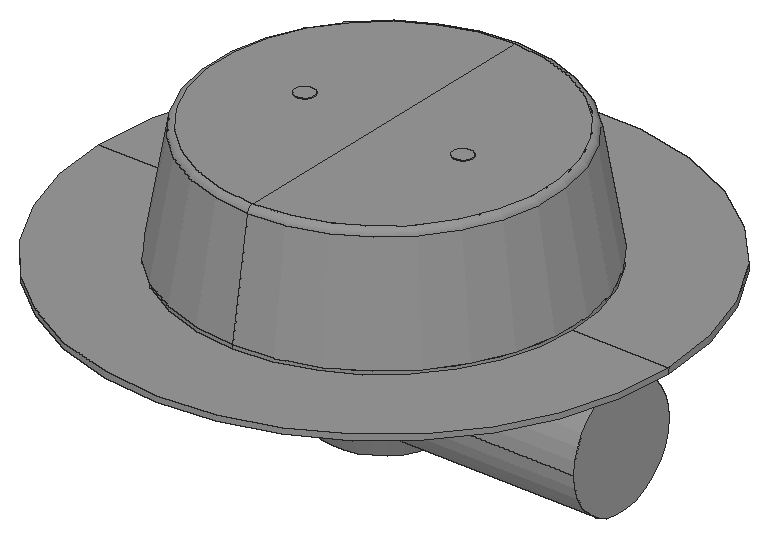
Revit family "HL_RU_Roof drain_HL64FPower-B-221103", category Sanitärinstallationen, Revit 2020
Family settings
  Bemaßung runder Anschluss = Durchmesser verwenden
  Teiletyp = Normal
  OmniClass-Nummer = 23.70.50.21.24.14
  OmniClass-Titel = Deck Waste Water Drains
  Arbeitsebenenbasiert = Nein
  Immer vertikal = Ja
  Beim Laden mit Abzugskörper schneiden = Nein
  Gemeinsam genutzt = Nein
  Raumberechnungspunkt = Ja
Parameters (values of type "HL_Кровельная воронка_HL64FPower")
  РЕШЁТКА = "Laubfangkorb d 262 mm"
  РАЗМЕР = "DN75"
  ПРОПУСКНАЯ СПОСОБНОСТЬ [instance] = 0.0 L/s
  ПРАВОВАЯ ИНФОРМАЦИЯ = ""
  НОМИНАЛЬНЫЙ ДИАМЕТР = 75 mm
  МАТЕРИАЛ = "PP"
  ВЫСОТА МОНТАЖА = "93 mm"
  ВЕС = "2,646 [kg]"
  Vorgabe-Ansicht = 0 mm
  Hersteller = "HL Hutterer & Lechner GmbH"  # constant formula
  URL = " "
  Материал плитка [instance] = none
  Lüftungsverbindung = no
  Abwasserrohrverbindung = yes
  HW-Verbindung = no
  KW-Verbindung = no
  Description = " "
  Model = " "
  Assembly Code = " "
  Type Comments = "HL64FPower Safety roof drain \"Power\" DN75 with PP collar,"
  Keynote = " "
  Bысота монтажа [instance] = 0 mm
  G [instance] = 90.00°  # constant formula
  EAN = "9003076040780"
  D [instance] = 150 mm  # constant formula
  C [instance] = if(Bысота монтажа - 68 mm < 0 mm, 0 mm, Bысота монтажа - 68 mm)  # 0 mm
  B [instance] = Bысота монтажа + 55 mm  # 55 mm
  A [instance] = if(B - 100 mm > 15 mm, B - 100 mm, 15 mm)  # 15 mm
Values of the unnamed type that differ from the named types
  ПРАВОВАЯ ИНФОРМАЦИЯ = ""
  URL = " "
  Description = " "
  Model = " "
  Type Comments = "HL64FPower Safety roof drain \"Power\" DN75 with PP collar,"
  Keynote = " "
Reference planes
  plane 1 "Center (Front/Back)": y = 0
  plane 2: z = 0
  plane 3 "Center (Left/Right)": x = 0
  plane 4: z = -55
  plane 5: z = 0
Lines and regions (mm)
  model lines, style "InvisibleLines"
    curve 1: line (0, 0, 0) -> (0, 0, 20)
  model lines, style "PlumbingFixtures", detail levels coarse+medium
    curve 2: line (0, 0, -55) -> (0, 0, -40)
    curve 3: line (0, 0, -40) -> (-40, 0, 0)
    curve 4: line (0, 0, -40) -> (40, 0, 0)
    curve 6: line (0, 0, -55) -> (150, 0, -55)
  reference lines, not visible
    curve 5: line (0, 0, -55) -> (150, 0, -55)
  symbolic lines, style "PlumbingFixtures", detail levels coarse+medium
    curve 7: line (-75, 75, 0) -> (75, 75, 0)
    curve 8: line (-75, -75, 0) -> (-75, 75, 0)
    curve 9: line (75, -75, 0) -> (-75, -75, 0)
    curve 10: line (75, 75, 0) -> (75, -75, 0)
    curve 11: line (-75, 75, 0) -> (-145.711, 145.711, 0)
    curve 12: line (75, 75, 0) -> (145.711, 145.711, 0)
    curve 13: line (-75, -75, 0) -> (-145.711, -145.711, 0)
    curve 14: line (75, -75, 0) -> (145.711, -145.711, 0)
  symbolic lines, style "PlumbingFixtures", not visible, detail levels coarse+medium
    curve 15: line (-75, 75, 0) -> (75, 75, 0)
    curve 16: line (-75, -75, 0) -> (-75, 75, 0)
    curve 17: line (75, -75, 0) -> (-75, -75, 0)
    curve 18: line (75, 75, 0) -> (75, -75, 0)
    curve 19: line (-75, 75, 0) -> (-145.711, 145.711, 0)
    curve 20: line (75, 75, 0) -> (145.711, 145.711, 0)
    curve 21: line (-75, -75, 0) -> (-145.711, -145.711, 0)
    curve 22: line (75, -75, 0) -> (145.711, -145.711, 0)
Text (mm)
  text "FLOOR" at (-162.344, 0, -10.979), in view "Drain Construction View"
Dimensions and locks
  "B": plane 2 to plane 4
  "Bысота монтажа": plane 2 to plane 5
  "A": curve 4 to plane 4
  "D": curve 5 to curve 5
  "D": curve 6 to curve 6
  locked: curve 4 to plane 3 "Center (Left/Right)" (angle 45.00°)
  locked: plane 3 "Center (Left/Right)" to curve 3 (angle 45.00°)
  "G": angle curve 5 to plane 3 "Center (Left/Right)"
  aligned and locked: level to plane 2
  aligned and locked: plane 2 to curve 4
  aligned and locked: plane 2 to curve 3
  aligned and locked: plane 4 to curve 5
  aligned and locked: plane 3 "Center (Left/Right)" to curve 5
  aligned and locked: plane 4 to curve 2
  aligned and locked: plane 3 "Center (Left/Right)" to curve 6
  aligned and locked: plane 4 to curve 6
  aligned and locked: nested 1 to plane 5
  aligned and locked: plane 3 "Center (Left/Right)" to nested 1
  aligned and locked: plane 2 to nested 2
  aligned and locked: plane 3 "Center (Left/Right)" to nested 2
Automatic sketch dimensions
  curve 2 to plane 3 "Center (Left/Right)" = 0 mm
  curve 1 to plane 3 "Center (Left/Right)" = 0 mm
  curve 1 to level = 0 mm
  level to curve 1 = 20 mm
Nested families
  nested 1: "HL_кровельные воронки - корпус_HL64FPower" at (0, 0, 0), type "HL_кровельные воронки - корпус_HL64FPower"
  nested 2: "HL_Вспомогательные материалы-Противопожарная защита_HL062.1EPower" at (0, 0, 2), type "HL_Вспомогательные материалы-Противопожарная защита_HL062.1EPower"
Connectors
  piping at (150, 0, -55), diameter 75, driven by "ПРОПУСКНАЯ СПОСОБНОСТЬ", driven by "НОМИНАЛЬНЫЙ ДИАМЕТР"
    settings: on curve 5, index 1, connector inside diameter 609.6 mm, connector length 0 mm, flow factor 0, pipe flow 0.0 L/s, pressure drop 0.0 Pa, fitting loss kfactor 0, connector angle 0.00°, fixture units 0, engagement length 0 mm, angle of deflection 0.00°, flow configuration 1, flow direction 2, fitting loss method 0, system type 16, joint type 0, gender type 0, connector reference index -1, connector utility 0, adjustable connector yes, is connector primary yes, connector description ""
Definition of nested family "HL_кровельные воронки - корпус_HL64FPower"
  Parameters (values of type "HL_кровельные воронки - корпус_HL64FPower")
    НОМИНАЛЬНЫЙ ДИАМЕТР = 50 mm
    Default Elevation = 0 mm
    Manufacturer = ""
    URL = ""
    Description = ""
    Model = ""
    Type Comments = ""
    Cost = 0
  Reference planes
    plane 1 "Střed (vpředu/vzadu)": y = 0
    plane 2: z = 0
    plane 3 "Střed (vlevo/vpravo)": x = 0
  Forms (mm)
    Revolve 1, solid, detail levels fine
      sketch origin (0, 0, 0) x (1, 0, 0) y (0, 0, 1)
        loop
          line (-180, -3.5) -> (-84, -3.5) -> (-84, -35) -> (-67.011, -35) -> (-36.438, -92.5) -> (0, -92.5) -> (0, -31.5) -> (-79, -31.5) -> (-79, 0) -> (-180, 0) -> (-180, -3.5)
        axis (0, -92.5) -> (0, 0)
      angle from 0 to 360
    Revolve 2, void
      sketch origin (0, 0, 0) x (1, 0, 0) y (0, 0, 1)
        loop
          line (-79, 0) -> (-79, -6) -> (-67.032, -6) -> (-59.032, -14) -> (-59.032, -31.5) -> (0, -31.5) -> (0, 0) -> (-79, 0)
        axis (0, -31.5) -> (0, 0)
      angle from 0 to 360
    Extrusion 3, solid, detail levels fine
      sketch origin (0, 0, 0) x (0, 1, 0) y (0, 0, 1)
        loop
          circle (0, -55) r 37.5
      from 0 to 150
  Cuts and joins
    Revolve 2 cuts Revolve 1
    Revolve 2 cuts Extrusion 3
  Dimensions and locks
    aligned and locked: level to plane 2
Definition of nested family "HL_Вспомогательные материалы-Противопожарная защита_HL062.1EPower"
  Parameters (values of type "HL_Вспомогательные материалы-Противопожарная защита_HL062.1EPower")
    РЕШЁТКА = "Laubfangkorb d 262 mm"
    ПРАВОВАЯ ИНФОРМАЦИЯ = "Авторские права(©), права на дизайн или какие либо другие права интелектуальной собственности являются исключительной собственностью компании HL Hutterer & Lechner. Изменению не подлежит. Файл семейства с данными о прозводителе изделия защищен паролем с водяным знаком."
    МАТЕРИАЛ = "PP"
    ВЕС = "0,715 [kg]"
    Default Elevation = 0 mm
    Manufacturer = "HL Hutterer & Lechner GmbH"
    URL = "http://www.hutterer-lechner.com/ru/products/catalog/roof-drains/HL062.1EPower.aspx"
    Материал плитка = none
    Description = "Кровельные воронки"
    Model = "HL062.1EPower"
    Type Comments = "HL062.1EPower, Листвоуловитель"
    Keynote = "HL062.1EPower"
    Пропускная способность [instance] = 0.0 L/s
    EAN = "9003076040490"
    Cost = 0
  Values of the unnamed type that differ from the named types
    ПРАВОВАЯ ИНФОРМАЦИЯ = ""
    Manufacturer = ""
    URL = ""
    Description = ""
    Model = ""
    Type Comments = "HL062.1EPower, Leaf catcher"
    Keynote = ""
  Reference planes
    plane 1 "Střed (vpředu/vzadu)": y = 0
    plane 2: z = 0
    plane 3 "Střed (vlevo/vpravo)": x = 0
  Forms (mm)
    Revolve 1, solid, detail levels fine
      sketch origin (0, 0, 0) x (0, 1, 0) y (0, 0, 1)
        loop
          line (70.495, -8.5) -> (70.495, -2.5) -> (66.996, -2.5) -> (66.996, -8.508) -> (58.998, -16.506) -> (58.998, -38.5) -> (61.176, -38.5) -> (62.518, -33.49) -> (62.518, -26) -> (77.157, -26) -> (77.157, -22.019)
          arc (77.157, -22.019) -> (80.011, -17.502) -> (77.157, -12.985) r 5.001
          line (77.157, -12.985) -> (77.157, -8.5) -> (70.495, -8.5)
        axis (0, -2.5) -> (0, -38.5)
      angle from 0 to 360
    Revolve 2, solid, detail levels fine
      sketch origin (0, 0, 0) x (0, 1, 0) y (0, 0, 1)
        loop
          arc (107.472, 69.093) -> (105.997, 71.78) -> (103.186, 73) r 4.733
          line (103.186, 73) -> (0, 73) -> (0, 70.25) -> (98.402, 70.25) -> (109.718, 0) -> (109.718, -2) -> (119.5, -2) -> (119.5, 0) -> (107.472, 69.093)
        axis (0, 73) -> (0, -2)
      angle from 0 to 360
    Revolve 3, solid, detail levels fine
      sketch origin (0, 0, 0) x (0, 1, 0) y (0, 0, 1)
        loop
          line (99, 18.5) -> (80.936, 18.5) -> (80.936, 24.5) -> (76.436, 24.5) -> (76.436, 18.5) -> (69.236, 18.5) -> (69.236, 24.5) -> (64.737, 24.5) -> (64.737, 18.5) -> (0, 18.5) -> (0, 13.5) -> (85.938, 13.5) -> (99, 17.04) -> (99, 18.5)
        axis (0, 24.5) -> (0, 13.5)
      angle from 0 to 360
    Extrusion 4, solid, detail levels fine
      sketch origin (0, 0, 18.5) x (0, 1, 0) y (-1, 0, 0)
        loop
          circle (0, 49.989) r 5.75
      from -40 to 38
    Extrusion 5, solid, detail levels fine
      sketch origin (0, 0, 56.5) x (0, 1, 0) y (-1, 0, 0)
        loop
          circle (0, 49.998) r 6.003
      from 0 to 16.5
    Extrusion 6, solid, detail levels fine
      sketch origin (0, 0, 18.5) x (0, 1, 0) y (-1, 0, 0)
        loop
          circle (0, -49.989) r 5.75
      from -40 to 38
    Extrusion 7, solid, detail levels fine
      sketch origin (0, 0, 56.5) x (0, 1, 0) y (-1, 0, 0)
        loop
          circle (0, -49.998) r 6.003
      from 0 to 16.5
    Extrusion 8, solid, detail levels fine
      sketch origin (0, 0, 18.5) x (0, 1, 0) y (-1, 0, 0)
        loop
          circle (62.504, 62.501) r 2.997
      from 0 to 44.5
    Extrusion 9, solid, detail levels fine
      sketch origin (0, -125, 18.5) x (0, 1, 0) y (-1, 0, 0)
        loop
          circle (62.504, 62.501) r 2.997
      from 0 to 44.5
    Extrusion 10, solid, detail levels fine
      sketch origin (125, -125, 18.5) x (0, 1, 0) y (-1, 0, 0)
        loop
          circle (62.504, 62.501) r 2.997
      from 0 to 44.5
    Extrusion 11, solid, detail levels fine
      sketch origin (125, 0, 18.5) x (0, 1, 0) y (-1, 0, 0)
        loop
          circle (62.504, 62.501) r 2.997
      from 0 to 44.5
    Extrusion 12, solid, detail levels fine
      sketch origin (0, 0, 0) x (0, 1, 0) y (0, 0, 1)
        loop
          line (77.009, 13.5) -> (39, 13.5) -> (47.949, -2) -> (77.009, -2) -> (77.009, 13.5)
        loop
          line (-77.009, 13.5) -> (-77.009, -2) -> (-47.949, -2) -> (-39, 13.5) -> (-77.009, 13.5)
      from -2.8 to 2.8
    Extrusion 13, solid, detail levels fine
      sketch origin (0, 0, 0) x (1, 0, 0) y (0, 0, 1)
        loop
          line (-77.026, -2) -> (-55.066, -2) -> (-55.066, 13.5) -> (-77.026, 13.5) -> (-77.026, -2)
        loop
          line (77.026, -2) -> (77.026, 13.5) -> (55.066, 13.5) -> (55.066, -2) -> (77.026, -2)
      from -2.8 to 2.8
  Dimensions and locks
    aligned and locked: level to plane 2
